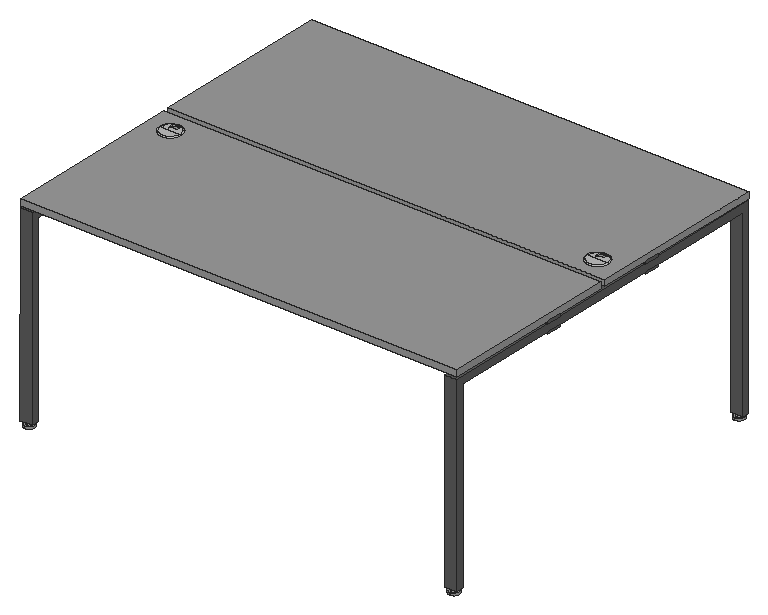
Revit family "Haworth_Tibas_Desk_DoubleWorkstations_AP_PRELIMINARY1", category Furniture, Revit 2019
Family settings
  OmniClass Number = 23.40.70.14.64.11
  OmniClass Title = Office Furniture
  Work Plane-Based = No
  Always vertical = Yes
  Cut with Voids When Loaded = No
  Shared = No
  Room Calculation Point = No
Parameters (values of type "1800w")
  Worksurface Width = "1200, 1400, 1500, 1600, 1800"  # constant formula
  Worksurface Depth = "1400, 1500, 1600mm"  # constant formula
  With Top = yes
  With Screen = not(No Screen)  # yes
  Warranty = "http://www.haworth.com/resources/product-info/warranties"
  U-Leg Frame R [instance] = yes
  U-Leg Frame [instance] = yes
  Type Comments = ""
  URL = "https://www.haworth.com/ap/en.html"
  Trim Finish = Haworth _ Polymer _ Undecided
  Top Finish [instance] = Haworth _ Laminate _ Undecided _ Tables
  Top Depth = if(With Screen, Actual Depth / 2 - 11 mm, Actual Depth)  # 739 mm
  Size = "Verify Final Dim.w/ Haworth"  # constant formula
  Round Cable Outlet = yes
  Revision Number = "1"  # constant formula
  Product URL = "https://www.haworth.com/ap/en/products/office-desks/tibas.html"
  No Screen = no
  No Accessory Kit = not(or(Accessory Kit, Flip Top Cable Outlet, Round Cable Outlet))  # no
  Model = "SYTBDWXXXX"  # constant formula
  Manufacturer = "Haworth"  # constant formula
  Leg Height = Actual Height - 35 mm  # 800.025 mm
  Flip Top Width = 400 mm
  Flip Top Cable Outlet = no
  Description = "Haworth - Tibas - Desk - Double Workstations"  # constant formula
  Cable Tray Width = Actual Width - 300 mm  # 1500 mm
  Cable Tray Single = yes
  Cable Tray Finish = Haworth _ Paint _ Metallic Silver
  Cable Tray Double = no
  Base Finish [instance] = Haworth _ Paint _ Black
  Author = "Haworth (Abd Rahman)"  # constant formula
  Assembly Code = "E2020200"
  Actual Width = 1800 mm
  Actual Height = 835.025 mm
  Actual Depth = 1500 mm
  Accessory Kit = and(or(Cable Tray Double, Cable Tray Single, Flip Top Cable Outlet, Round Cable Outlet))  # yes
Reference planes
  plane 1 "Center F/B": y = 174.526
  plane 2: z = 0
  plane 3 "Center L/R": x = 114.3
  plane 4 "Top": z = 835.025
  plane 5 "Left": x = -785.7
  plane 6 "Right": x = 1014.3
  plane 7 "Back": y = 924.526
  plane 8 "Front": y = -575.474
  plane 9: y = 424.526
  plane 10: y = -75.474
  plane 11: z = 810.025
  plane 12: z = 800.025
  plane 13: x = -685.7
  plane 14: x = 914.3
  plane 15: y = 74.526
  plane 16: y = 274.526
Dimensions and locks
  "Actual Height": plane 4 "Top" to level
  equal spacing: plane 7 "Back", plane 1 "Center F/B", plane 8 "Front"
  "Actual Depth": plane 7 "Back" to plane 8 "Front"
  equal spacing: plane 5 "Left", plane 3 "Center L/R", plane 6 "Right"
  "Actual Width": plane 5 "Left" to plane 6 "Right"
  plane 4 "Top" to plane 11 to plane 12 = 25 mm locked, 10 mm locked
  plane 8 "Front" to plane 10 to plane 1 "Center F/B" = 500 mm, 250 mm
  plane 7 "Back" to plane 9 to plane 1 "Center F/B" = 500 mm, 250 mm
  locked: plane 5 "Left" to plane 13 at 100
  locked: plane 14 to plane 6 "Right" at 100
  locked: plane 16 to plane 1 "Center F/B" at 100
  locked: plane 15 to plane 1 "Center F/B" at 100
  aligned and locked: plane 3 "Center L/R" to nested 1
  aligned and locked: nested 1 to plane 4 "Top"
  aligned and locked: plane 1 "Center F/B" to nested 3
  aligned and locked: plane 1 "Center F/B" to nested 4
  aligned and locked: nested 2 to plane 3 "Center L/R"
  aligned and locked: nested 2 to plane 11
  aligned and locked: plane 3 "Center L/R" to nested 5
  aligned and locked: nested 5 to plane 4 "Top"
  aligned and locked: plane 1 "Center F/B" to nested 5
  aligned and locked: plane 10 to nested 2
  aligned and locked: plane 3 "Center L/R" to nested 6
  aligned and locked: nested 6 to plane 9
  aligned and locked: plane 11 to nested 6
  aligned and locked: plane 3 "Center L/R" to nested 7
  aligned and locked: plane 8 "Front" to nested 7
  aligned and locked: nested 7 to plane 4 "Top"
  aligned and locked: nested 3 to plane 5 "Left"
  aligned and locked: nested 4 to plane 6 "Right"
  aligned and locked: plane 3 "Center L/R" to nested 10
  aligned and locked: plane 3 "Center L/R" to nested 9
  aligned and locked: plane 3 "Center L/R" to nested 8
  aligned and locked: plane 1 "Center F/B" to nested 10
  aligned and locked: nested 8 to plane 11
  aligned and locked: nested 9 to plane 11
  aligned and locked: nested 10 to plane 11
  aligned and locked: plane 1 "Center F/B" to nested 9
  aligned and locked: nested 8 to plane 1 "Center F/B"
  aligned and locked: plane 7 "Back" to nested 1
  aligned and locked: nested 12 to plane 14
  aligned and locked: nested 12 to plane 16
  aligned and locked: plane 13 to nested 11
  aligned and locked: plane 15 to nested 11
  aligned and locked: plane 4 "Top" to nested 11
  aligned and locked: nested 12 to plane 4 "Top"
Nested families
  nested 1: "Haworth_Tibas_Top_Rectangular-PART" at (271.159, 847.126, -20), Top Finish <- "Top Finish", visible <- "With Top", type "Rectangular Top"
    with Top Finish Haworth _ Laminate _ Undecided _ Tables, Void Depth 889 mm, U-Shape Cable Outlet no, Round Cable Outlet no, Flip Top Cable Outlet no, Epure Cable Outlet no, Actual Width 1800 mm, Actual Depth 739 mm
  nested 2: "Haworth_Tibas_Understructure_DeskBeamAP-Leg_PART" at (1146.159, 216.626, 113.025), Leg Finish <- "Base Finish", type "Beam - Understructure - PART"
    with Leg Finish Haworth _ Paint _ Black, Actual Width 1800 mm
  nested 3: "Haworth_Tibas_Base_U-Leg_PART" at (-603.841, 466.626, 0), Leg Finish <- "Base Finish", visible <- "U-Leg Frame", type "U-Leg Frame - PART L"
    with Leg Finish Haworth _ Paint _ Black, Actual Height 800.025 mm, Actual Depth 1500 mm
  nested 4: "Haworth_Tibas_Base_U-Leg_PART" at (1146.159, 466.626, 0), Leg Finish <- "Base Finish", visible <- "U-Leg Frame R", type "U-Leg Frame - PART R"
    with Leg Finish Haworth _ Paint _ Black, Actual Height 800.025 mm, Actual Depth 1500 mm
  nested 5: "Haworth-Flip Top" at (99.813, 173.193, 35.025), visible <- "Flip Top Cable Outlet", type "Flip Top - Visio"
    with Actual Width 400 mm, Actual Depth 200 mm
  nested 6: "Haworth_Tibas_Understructure_DeskBeamAP-Leg_PART" at (1146.159, 132.426, 113.025), Leg Finish <- "Base Finish", type "Beam - Understructure - PART"
    with Leg Finish Haworth _ Paint _ Black, Actual Width 1800 mm
  nested 7: "Haworth_Tibas_Top_Rectangular-PART" at (271.159, 86.126, -20), visible <- "With Screen", Top Finish <- "Top Finish", type "Rectangular Top"
    with Top Finish Haworth _ Laminate _ Undecided _ Tables, Void Depth 889 mm, U-Shape Cable Outlet no, Round Cable Outlet no, Flip Top Cable Outlet no, Epure Cable Outlet no, Actual Width 1800 mm, Actual Depth 739 mm
  nested 8: "Haworth_Tibas_CableManagement_CableTraySingle-PART" at (271.159, 376.626, 326.425), visible <- "Cable Tray Single", Cable Tray Finish <- "Cable Tray Finish", type "Cable Tray Single"
    with Cable Tray Finish Haworth _ Paint _ Metallic Silver
  nested 9: "Haworth_Tibas_CableManagement_CableTraySingle-PART" at (271.159, 556.626, 326.425), visible <- "Cable Tray Single", Cable Tray Finish <- "Cable Tray Finish", type "Cable Tray Single"
    with Cable Tray Finish Haworth _ Paint _ Metallic Silver
  nested 10: "Haworth_Tibas_CableManagement_CableTrayDouble-PART" at (271.159, 466.626, 363.025), visible <- "Cable Tray Double", Cable Tray Finish <- "Cable Tray Finish", type "Cable Tray Double"
    with Cable Tray Finish Haworth _ Paint _ Metallic Silver
  nested 11: "Haworth_Grommet-PART" at (-528.841, 366.626, 312.793), visible <- "Round Cable Outlet", type "Cable Outlet"
  nested 12: "Haworth_Grommet-PART" at (1071.159, 566.626, 312.793), visible <- "Round Cable Outlet", type "Cable Outlet"
Definition of nested family "Haworth_Tibas_Top_Rectangular-PART"
  Parameters (values of type "Rectangular Top")
    Warranty = "http://www.haworth.com/resources/product-info/warranties"
    Void Depth = if(Epure Cable Outlet, 0 mm, Actual Depth + 150 mm)  # 0 mm
    URL - Product = ""
    URL = "https://www.haworth.com/eu/en.html"
    U-Shape Cable Outlet = yes
    Trim Finish = none
    Top Finish [instance] = none
    Thickness = 25 mm  # constant formula
    Size = "Verify Final Dim. w/ Haworth"  # constant formula
    Round Cable Outlet = yes
    Revision Number = "1"  # constant formula
    Model = "Haworth - Tibas"  # constant formula
    Manufacturer = "Haworth"  # constant formula
    Flip Top Cable Outlet = yes
    Epure Cable Outlet = yes
    Description = "Haworth - Tibas"  # constant formula
    Author = "Haworth (Abd Rahman)"  # constant formula
    Assembly Code = "E2020200"
    Actual Width = 2000 mm
    Actual Mounting Height = 835.025 mm
    Actual Depth = 800 mm
  Reference planes
    plane 1: z = -5
    plane 2 "Center L/R": x = -156.859
    plane 3 "Center F/B": y = -292.1
    plane 4 "Top of top": z = 855.025
    plane 5 "Back": y = 107.9
    plane 6 "Front": y = -692.1
    plane 7 "Left": x = -1156.859
    plane 8 "Right": x = 843.141
    plane 9 "Bottom of top": z = 830.025
    plane 10: y = 27.9
    plane 11: x = -1006.859
    plane 12: x = 693.141
    plane 13: y = 107.9
    plane 14: y = 107.9
    plane 15: y = 107.9
    plane 16: y = 107.9
  Forms (mm)
    Extrusion 1, solid, material <- "Top Finish"
      sketch origin (0, 0, 0) x (1, 0, 0) y (0, 1, 0)
        loop
          line (-1156.859, 107.9) -> (-1156.859, -692.1) -> (843.141, -692.1) -> (843.141, 107.9) -> (-1156.859, 107.9)
      from 830.025 to 855.025
    Extrusion 2, void
      sketch origin (0, 0, 0) x (1, 0, 0) y (0, 1, 0)
        loop
          circle (-1006.859, 107.9) r 40
        loop
          circle (693.141, 107.9) r 40
      from -479.092 to 1358.317
  Cuts and joins
    Extrusion 2 cuts Extrusion 1
  Lines and regions (mm)
    Masking region 1
      outline origin (0, 0, 0) x (1, 0, 0) y (0, 1, 0)
        loop
          line (-1156.859, 107.9) -> (-1156.859, -692.1) -> (843.141, -692.1) -> (843.141, 107.9) -> (-1156.859, 107.9)
  Dimensions and locks
    equal spacing: plane 5 "Back", plane 3 "Center F/B", plane 6 "Front"
    "Actual Depth": plane 5 "Back" to plane 6 "Front"
    equal spacing: plane 7 "Left", plane 2 "Center L/R", plane 8 "Right"
    "Actual Width": plane 7 "Left" to plane 8 "Right"
    "Thickness": plane 4 "Top of top" to plane 9 "Bottom of top"
    "Actual Mounting Height": plane 9 "Bottom of top" to plane 1
    locked: plane 5 "Back" to plane 10 at 80
    plane 7 "Left" to plane 11 = 150 mm
    locked: plane 8 "Right" to plane 12 at 150
    "Void Depth": plane 13 to plane 14
    "Void Depth": plane 15 to plane 16
    aligned and locked: plane 8 "Right" to Extrusion 1 sketch curve
    aligned and locked: plane 7 "Left" to Extrusion 1 sketch curve
    aligned and locked: plane 6 "Front" to Extrusion 1 sketch curve
    aligned and locked: Extrusion 1 sketch curve to plane 5 "Back"
    aligned and locked: plane 4 "Top of top" to Extrusion 1
    aligned and locked: Extrusion 1 to plane 9 "Bottom of top"
    aligned and locked: plane 8 "Right" to Masking region 1 sketch curve
    aligned and locked: Masking region 1 sketch curve to plane 5 "Back"
    aligned and locked: plane 7 "Left" to Masking region 1 sketch curve
    aligned and locked: plane 6 "Front" to Masking region 1 sketch curve
    aligned and locked: nested 1 to plane 4 "Top of top"
    aligned and locked: plane 12 to nested 1
    aligned and locked: plane 10 to nested 1
    aligned and locked: nested 2 to plane 11
    aligned and locked: nested 2 to plane 10
    aligned and locked: nested 3 to plane 11
    aligned and locked: nested 3 to plane 5 "Back"
    aligned and locked: nested 3 to plane 4 "Top of top"
    aligned and locked: plane 12 to nested 4
    aligned and locked: plane 5 "Back" to nested 4
    aligned and locked: plane 4 "Top of top" to nested 4
    aligned and locked: plane 2 "Center L/R" to nested 5
    aligned and locked: plane 10 to nested 5
    aligned and locked: nested 5 to plane 4 "Top of top"
    aligned and locked: plane 11 to Extrusion 2 sketch curve
    aligned and locked: plane 4 "Top of top" to nested 2
    aligned and locked: plane 13 to plane 5 "Back"
    aligned and locked: plane 12 to Extrusion 2 sketch curve
    aligned and locked: plane 15 to plane 5 "Back"
    aligned and locked: plane 16 to Extrusion 2 sketch curve
    aligned and locked: plane 14 to Extrusion 2 sketch curve
  Automatic sketch dimensions
    radius of Extrusion 2 sketch curve = 40 mm  (x2)
  Nested families
    nested 1: "Haworth_Grommet-PART" at (536.282, 320, 332.793) x (-1, 0, 0) z (0, 0, 1), visible <- "Round Cable Outlet", type "Cable Outlet"
      with Vertical no, Horizontal yes
    nested 2: "Haworth_Grommet-PART" at (-850, 320, 332.793), visible <- "Round Cable Outlet", type "Cable Outlet"
      with Vertical no, Horizontal yes
    nested 3: "Haworth_CableOutlet_U-Shape_PART" at (-850, 372.731, 297.793), visible <- "U-Shape Cable Outlet", type "Cable Outlet"
    nested 4: "Haworth_CableOutlet_U-Shape_PART" at (536.282, 372.731, 297.793) x (-1, 0, 0) z (0, 0, 1), visible <- "U-Shape Cable Outlet", type "Cable Outlet"
    nested 5: "Haworth-Flip Top" at (-171.347, -28.433, 55.025), visible <- "Flip Top Cable Outlet", type "Flip Top - Visio"
      with Actual Width 200 mm, Actual Depth 110 mm
  Definition of nested family "Haworth_Grommet-PART"
    Parameters (values of type "Cable Outlet")
      Warranty = "http://www.haworth.com/resources/product-info/warranties"
      Vertical = yes
      URL = "www.haworth.com"
      Trim Finish = none
      Size = "Verify Final Dim. w/ Haworth"  # constant formula
      Revision Number = "1"  # constant formula
      Model = "X742"  # constant formula
      Manufacturer = "Haworth"  # constant formula
      Horizontal = no
      Description = "Haworth - Cable Outlet - 25mm"  # constant formula
      Author = "Haworth (Abd Rahman)"  # constant formula
      Assembly Code = "E2020200"
      Actual Width = 90 mm  # constant formula
      Actual Height = 2 mm  # constant formula
      Actual Depth = 90 mm  # constant formula
    Reference planes
      plane 1: z = 522.232
      plane 2 "Center L/R": x = -156.859
      plane 3 "Center F/B": y = -292.1
      plane 4 "Top": z = 524.232
      plane 5 "Back": y = -247.1
      plane 6 "Front": y = -337.1
      plane 7 "Right": x = -111.859
      plane 8 "Left": x = -201.859
      plane 9: x = -155.05
    Forms (mm)
      Revolve 1, solid, material <- "Trim Finish", visible <- "Vertical"
        sketch origin (-679.273, -292.1, 366.305) x (0, 0, 1) y (1, 0, 0)
          loop
            line (156.859, 524.223) -> (115.684, 524.223)
            arc (115.684, 524.223) -> (113.98, 523.576) -> (112.576, 522.414) r 5.57
            line (112.576, 522.414) -> (156.859, 522.414) -> (156.859, 524.223)
          axis (156.859, 524.223) -> (156.859, 522.414)
        angle from 0 to 360
      Extrusion 2, void
        sketch origin (-679.273, 0.749, 366.305) x (0, 0, -1) y (0, 1, 0)
          loop
            line (-175.569, -260.506) -> (-173.333, -281.782)
            arc (-173.333, -281.782) -> (-171.796, -283.23) -> (-169.822, -282.479) r 1.989
            arc (-169.822, -282.479) -> (-169.186, -281.652) -> (-168.471, -280.891) r 10.616
            arc (-168.471, -280.891) -> (-163.186, -277.135) -> (-156.859, -275.721) r 16.402
            arc (-156.859, -275.721) -> (-151.781, -276.415) -> (-147.164, -278.643) r 16.402
            arc (-147.164, -278.643) -> (-145.025, -278.909) -> (-143.853, -277.099) r 2.03
            line (-143.853, -277.099) -> (-141.679, -258.137)
            arc (-141.679, -258.137) -> (-158.906, -255.293) -> (-175.569, -260.506) r 37.744
        from 0 to 711.2
      Revolve 3, solid, material <- "Trim Finish", visible <- "Horizontal"
        sketch origin (-0.331, -293.081, 0.151) x (-1, 0, 0) y (0, 0, 1)
          loop
            line (156.859, 524.08) -> (115.287, 524.08)
            arc (115.287, 524.08) -> (113.569, 523.343) -> (112.19, 522.08) r 5.592
            line (112.19, 522.08) -> (156.859, 522.08) -> (156.859, 524.08)
          axis (156.859, 524.08) -> (156.859, 522.08)
        angle from 0 to 360
      Extrusion 4, void
        sketch origin (-0.331, -0.232, 0.151) x (1, 0, 0) y (0, 1, 0)
          loop
            line (-175.569, -260.506) -> (-173.333, -281.782)
            arc (-173.333, -281.782) -> (-171.796, -283.23) -> (-169.822, -282.479) r 1.989
            arc (-169.822, -282.479) -> (-169.186, -281.652) -> (-168.471, -280.891) r 10.616
            arc (-168.471, -280.891) -> (-163.186, -277.135) -> (-156.859, -275.721) r 16.402
            arc (-156.859, -275.721) -> (-151.781, -276.415) -> (-147.164, -278.643) r 16.402
            arc (-147.164, -278.643) -> (-145.025, -278.909) -> (-143.853, -277.099) r 2.03
            line (-143.853, -277.099) -> (-141.679, -258.137)
            arc (-141.679, -258.137) -> (-158.906, -255.293) -> (-175.569, -260.506) r 37.744
        from 0 to 711.2
    Cuts and joins
      Extrusion 2 cuts Revolve 1
      Extrusion 4 cuts Revolve 3
    Lines and regions (mm)
      Masking region 1
        outline origin (0, 0, 0) x (1, 0, 0) y (0, 1, 0)
          loop
            circle (-156.859, -292.849) r 44.363
          loop
            circle (-156.859, -292.849) r 40.899
          loop
            line (-143.853, -277.099) -> (-141.679, -258.137)
            arc (-141.679, -258.137) -> (-158.906, -255.293) -> (-175.569, -260.506) r 37.744
            line (-175.569, -260.506) -> (-173.333, -281.782)
            arc (-173.333, -281.782) -> (-171.796, -283.23) -> (-169.822, -282.479) r 1.989
            arc (-169.822, -282.479) -> (-169.186, -281.652) -> (-168.471, -280.891) r 10.616
            arc (-168.471, -280.891) -> (-163.186, -277.135) -> (-156.859, -275.721) r 16.402
            arc (-156.859, -275.721) -> (-151.781, -276.415) -> (-147.164, -278.643) r 16.402
            arc (-147.164, -278.643) -> (-145.025, -278.909) -> (-143.853, -277.099) r 2.03
    Dimensions and locks
      equal spacing: plane 8 "Left", plane 2 "Center L/R", plane 7 "Right"
      "Actual Width": plane 8 "Left" to plane 7 "Right"
      equal spacing: plane 5 "Back", plane 3 "Center F/B", plane 6 "Front"
      "Actual Depth": plane 5 "Back" to plane 6 "Front"
      "Actual Height": plane 4 "Top" to plane 1
      aligned and locked: plane 3 "Center F/B" to cut or joined group of Revolve 1, Extrusion 2  (x2)
      aligned and locked: cut or joined group of Revolve 3, Extrusion 4 to plane 4 "Top"
      aligned and locked: cut or joined group of Revolve 3, Extrusion 4 to plane 1
      aligned and locked: cut or joined group of Revolve 1, Extrusion 2 to plane 2 "Center L/R"
      aligned and locked: plane 9 to cut or joined group of Revolve 1, Extrusion 2
    Automatic sketch dimensions
      Revolve 1 sketch curve to plane 1 = 43.35 mm
      Revolve 1 sketch curve to Revolve 1 sketch curve = 3.107 mm
      Revolve 1 sketch curve to Revolve 1 sketch curve = 1.099 mm
      Revolve 1 sketch curve to Revolve 1 sketch curve = 40.077 mm
      Revolve 1 sketch curve to plane 7 "Right" = 48.651 mm
      Revolve 1 sketch curve to Revolve 1 sketch curve = 3.651 mm
      Revolve 1 sketch curve to Revolve 1 sketch curve = 0 mm  (x2)
      Revolve 1 sketch curve to Revolve 1 sketch curve = 0.195 mm
      Extrusion 2 sketch curve to Extrusion 2 sketch curve = 0 mm  (x2)
      plane 1 to Extrusion 2 sketch curve = 19.643 mm
      Extrusion 2 sketch curve to Extrusion 2 sketch curve = 4.161 mm
      Extrusion 2 sketch curve to Extrusion 2 sketch curve = 10.307 mm
      Extrusion 2 sketch curve to Extrusion 2 sketch curve = 4.587 mm
      Extrusion 2 sketch curve to Extrusion 2 sketch curve = 0.242 mm
      Extrusion 2 sketch curve to Extrusion 2 sketch curve = 10.632 mm
      Extrusion 2 sketch curve to Extrusion 2 sketch curve = 2.03 mm
      Extrusion 2 sketch curve to Extrusion 2 sketch curve = 2.174 mm
      Extrusion 2 sketch curve to plane 5 "Back" = 45.096 mm
      Extrusion 2 sketch curve to Extrusion 2 sketch curve = 0.825 mm
      Extrusion 2 sketch curve to Extrusion 2 sketch curve = 3.588 mm
      Extrusion 2 sketch curve to Extrusion 2 sketch curve = 7.253 mm
      Extrusion 2 sketch curve to Extrusion 2 sketch curve = 15.02 mm
      Extrusion 2 sketch curve to Extrusion 2 sketch curve = 0.031 mm
      Extrusion 2 sketch curve to Extrusion 2 sketch curve = 20.772 mm
      Extrusion 2 sketch curve to Extrusion 2 sketch curve = 1.925 mm
      Extrusion 2 sketch curve to Extrusion 2 sketch curve = 1.586 mm
      Extrusion 2 sketch curve to Extrusion 2 sketch curve = 1.352 mm
      Extrusion 2 sketch curve to Extrusion 2 sketch curve = 10.976 mm
      Extrusion 2 sketch curve to Extrusion 2 sketch curve = 1.281 mm
      Masking region 1 sketch curve to Masking region 1 sketch curve = 0 mm  (x4)
      Masking region 1 sketch curve to plane 2 "Center L/R" = 0 mm  (x2)
      Masking region 1 sketch curve to plane 2 "Center L/R" = 4.242 mm
      Masking region 1 sketch curve to Masking region 1 sketch curve = 10.307 mm
      Masking region 1 sketch curve to plane 3 "Center F/B" = 10.318 mm
      Masking region 1 sketch curve to Masking region 1 sketch curve = 1.925 mm
      Masking region 1 sketch curve to plane 2 "Center L/R" = 18.71 mm
      plane 3 "Center F/B" to Masking region 1 sketch curve = 0.02 mm
      plane 2 "Center L/R" to Masking region 1 sketch curve = 0.345 mm
      plane 2 "Center L/R" to Masking region 1 sketch curve = 0.586 mm
      plane 2 "Center L/R" to Masking region 1 sketch curve = 10.976 mm
      Masking region 1 sketch curve to Masking region 1 sketch curve = 2.03 mm
      plane 2 "Center L/R" to Masking region 1 sketch curve = 15.18 mm
      plane 3 "Center F/B" to Masking region 1 sketch curve = 0.749 mm
      Masking region 1 sketch curve to Masking region 1 sketch curve = 0.096 mm
      Masking region 1 sketch curve to plane 3 "Center F/B" = 3.569 mm
      Masking region 1 sketch curve to Masking region 1 sketch curve = 0.504 mm
      Masking region 1 sketch curve to plane 3 "Center F/B" = 15.001 mm
      Masking region 1 sketch curve to Masking region 1 sketch curve = 0.031 mm
      Masking region 1 sketch curve to plane 5 "Back" = 13.406 mm
      Masking region 1 sketch curve to Masking region 1 sketch curve = 2.938 mm
      Masking region 1 sketch curve to Masking region 1 sketch curve = 1.586 mm
      Revolve 3 sketch curve to plane 7 "Right" = 0.663 mm
      Revolve 3 sketch curve to Revolve 3 sketch curve = 3.096 mm
      Revolve 3 sketch curve to Revolve 3 sketch curve = 1.316 mm
      Revolve 3 sketch curve to Revolve 3 sketch curve = 40.256 mm
      Revolve 3 sketch curve to plane 4 "Top" = 5.434 mm
      Revolve 3 sketch curve to Revolve 3 sketch curve = 3.434 mm
      Revolve 3 sketch curve to Revolve 3 sketch curve = 0 mm
      Revolve 3 sketch curve to Revolve 3 sketch curve = 0.151 mm  (x2)
      Extrusion 4 sketch curve to Extrusion 4 sketch curve = 0 mm  (x2)
      Extrusion 4 sketch curve to plane 7 "Right" = 64.042 mm
      Extrusion 4 sketch curve to Extrusion 4 sketch curve = 4.161 mm
      Extrusion 4 sketch curve to Extrusion 4 sketch curve = 10.307 mm
      Extrusion 4 sketch curve to Extrusion 4 sketch curve = 4.587 mm
      Extrusion 4 sketch curve to Extrusion 4 sketch curve = 0.242 mm
      Extrusion 4 sketch curve to Extrusion 4 sketch curve = 10.632 mm
      Extrusion 4 sketch curve to Extrusion 4 sketch curve = 2.03 mm
      Extrusion 4 sketch curve to Extrusion 4 sketch curve = 2.174 mm
      Extrusion 4 sketch curve to plane 5 "Back" = 46.077 mm
      Extrusion 4 sketch curve to Extrusion 4 sketch curve = 0.825 mm
      Extrusion 4 sketch curve to Extrusion 4 sketch curve = 3.588 mm
      Extrusion 4 sketch curve to Extrusion 4 sketch curve = 7.253 mm
      Extrusion 4 sketch curve to Extrusion 4 sketch curve = 15.02 mm
      Extrusion 4 sketch curve to Extrusion 4 sketch curve = 0.031 mm
      Extrusion 4 sketch curve to Extrusion 4 sketch curve = 20.772 mm
      Extrusion 4 sketch curve to Extrusion 4 sketch curve = 1.925 mm
      Extrusion 4 sketch curve to Extrusion 4 sketch curve = 1.586 mm
      Extrusion 4 sketch curve to Extrusion 4 sketch curve = 1.352 mm
      Extrusion 4 sketch curve to Extrusion 4 sketch curve = 10.976 mm
      Extrusion 4 sketch curve to Extrusion 4 sketch curve = 1.281 mm
      radius of Masking region 1 sketch curve = 44.363 mm
      radius of Masking region 1 sketch curve = 40.899 mm
  Definition of nested family "Haworth_CableOutlet_U-Shape_PART"
    Parameters (values of type "Cable Outlet")
      Warranty = "http://www.haworth.com/resources/product-info/warranties"
      URL = "www.haworth.com"
      Trim Finish = none
      Sustainability Info = "https://www.haworth.com/company-info/sustainability"
      Size = "Verify Final Dim. w/ Haworth"  # constant formula
      Revision Number = "1"  # constant formula
      Model = "X742"  # constant formula
      Manufacturer = "Haworth"  # constant formula
      Description = "Haworth - Cable Outlet - U - Shape"  # constant formula
      Author = "Haworth (Abd Rahman)"  # constant formula
      Assembly Code = "E2020200"
      Actual Width = 70 mm  # constant formula
      Actual Height = 40 mm  # constant formula
      Actual Depth = 70 mm  # constant formula
    Reference planes
      plane 1: z = 522.232
      plane 2 "Center L/R": x = -156.859
      plane 3 "Center F/B": y = -292.1
      plane 4 "Top": z = 562.232
      plane 5 "Back": y = -257.1
      plane 6 "Front": y = -327.1
      plane 7 "Right": x = -121.859
      plane 8 "Left": x = -191.859
    Forms (mm)
      Extrusion 1, solid, material <- "Trim Finish"
        sketch origin (-121.859, 0, 0) x (0, 1, 0) y (0, 0, 1)
          loop
            line (-327.1, 562.232) -> (-327.1, 557.232) -> (-264.831, 557.232) -> (-264.831, 527.232) -> (-327.1, 527.232) -> (-327.1, 522.232) -> (-257.1, 522.232) -> (-257.1, 530.231) -> (-257.1, 555.734) -> (-257.1, 562.232) -> (-327.1, 562.232)
        from -70 to 0
    Lines and regions (mm)
      Masking region 1
        outline origin (0, 0, 0) x (1, 0, 0) y (0, 1, 0)
          loop
            line (-191.859, -257.1) -> (-191.859, -327.1) -> (-121.859, -327.1) -> (-121.859, -257.1) -> (-191.859, -257.1)
    Dimensions and locks
      equal spacing: plane 8 "Left", plane 2 "Center L/R", plane 7 "Right"
      "Actual Width": plane 8 "Left" to plane 7 "Right"
      equal spacing: plane 5 "Back", plane 3 "Center F/B", plane 6 "Front"
      "Actual Depth": plane 5 "Back" to plane 6 "Front"
      "Actual Height": plane 4 "Top" to plane 1
      aligned and locked: Extrusion 1 to plane 8 "Left"
      aligned and locked: plane 7 "Right" to Extrusion 1
      aligned and locked: Masking region 1 sketch curve to plane 7 "Right"
      aligned and locked: Masking region 1 sketch curve to plane 5 "Back"
      aligned and locked: plane 8 "Left" to Masking region 1 sketch curve
      aligned and locked: plane 6 "Front" to Masking region 1 sketch curve
    Automatic sketch dimensions
      Extrusion 1 sketch curve to plane 4 "Top" = 0 mm
      Extrusion 1 sketch curve to plane 6 "Front" = 0 mm  (x2)
      Extrusion 1 sketch curve to plane 5 "Back" = 0 mm
      Extrusion 1 sketch curve to plane 1 = 0 mm
      Extrusion 1 sketch curve to Extrusion 1 sketch curve = 2.999 mm
      Extrusion 1 sketch curve to Extrusion 1 sketch curve = 7.731 mm
      Extrusion 1 sketch curve to plane 4 "Top" = 6.498 mm
      Extrusion 1 sketch curve to plane 4 "Top" = 5 mm
      plane 1 to Extrusion 1 sketch curve = 7.999 mm
  Definition of nested family "Haworth-Flip Top"
    Parameters (values of type "Flip Top - Visio")
      Warranty = ""
      URL - Product = ""
      URL = ""
      Sustainability Info = ""
      Size = "Verify Final Dim. w/ Haworth"  # constant formula
      Single Sided = no
      Single Sided Wide = yes
      Revision Number = ""
      OmniClass Number = ""
      Material Options = ""
      Manufacturer = "Haworth"  # constant formula
      LEED Data = ""
      Flip Top Height = 25 mm
      Flip Top Finish = none
      Double Sided = no
      Double Sided Wide = no
      Author = "SHAPE Environments, LLC"  # constant formula
      Assembly Code = ""
      Actual Width = 120 mm
      Actual Height = 800 mm
      Actual Depth = 80 mm
    Types (2, lengths in mm): name | Flip Top Height | Actual Width | Actual Height | Actual Depth
      Flip Top - Visio | 25 | 120 | 800 | 80
      Flip Top Cable Tray | 69.85 | 285.75 | 736.6 | 111.125
    Reference planes
      plane 1 "Center F/B": y = 1.333
      plane 2: z = 0
      plane 3 "Center L/R": x = 14.487
      plane 4 "Back": y = 41.333
      plane 5 "Right": x = 74.487
      plane 6 "Front": y = -38.667
      plane 7 "Left": x = -45.513
      plane 8 "Table Height": z = 800
      plane 9: z = 775
    Forms (mm)
      Extrusion 1, solid, material <- "Flip Top Finish"
        sketch origin (0, 0, 800) x (-1, 0, 0) y (0, -1, 0)
          loop
            line (45.513, -41.333) -> (45.513, 38.667) -> (-74.487, 38.667) -> (-74.487, -41.333) -> (45.513, -41.333)
        from 0 to 3.175
      Extrusion 2, solid, material <- "Flip Top Finish"
        sketch origin (0, 0, 800) x (-1, 0, 0) y (0, -1, 0)
          loop
            line (42.338, -36.571) -> (42.338, 33.904) -> (-71.312, 33.904) -> (-71.312, -36.571) -> (42.338, -36.571)
        from 0 to -25
    Cuts and joins
      joined: Extrusion 1, Extrusion 2
    Lines and regions (mm)
      symbolic lines
        curve 1: line (-45.513, 41.333, 800) -> (74.487, 41.333, 800)
        curve 2: line (-45.513, -38.667, 800) -> (-45.513, 41.333, 800)
        curve 3: line (74.487, -38.667, 800) -> (-45.513, -38.667, 800)
        curve 4: line (74.487, 41.333, 800) -> (74.487, -38.667, 800)
    Dimensions and locks
      equal spacing: plane 7 "Left", plane 3 "Center L/R", plane 5 "Right"
      "Actual Width": plane 7 "Left" to plane 5 "Right"
      equal spacing: plane 6 "Front", plane 1 "Center F/B", plane 4 "Back"
      "Actual Depth": plane 4 "Back" to plane 6 "Front"
      plane 7 "Left" to Extrusion 2 sketch curve = 3.175 mm
      plane 4 "Back" to Extrusion 2 sketch curve = 4.762 mm
      Extrusion 2 sketch curve to plane 5 "Right" = 3.175 mm
      Extrusion 2 sketch curve to plane 6 "Front" = 4.763 mm
      "Actual Height": plane 8 "Table Height" to level
      "Flip Top Height": plane 8 "Table Height" to plane 9
      aligned and locked: plane 7 "Left" to Extrusion 1 sketch curve
      aligned and locked: Extrusion 1 sketch curve to plane 4 "Back"
      aligned and locked: plane 6 "Front" to Extrusion 1 sketch curve
      aligned and locked: Extrusion 1 sketch curve to plane 5 "Right"
      aligned and locked: plane 9 to cut or joined group of Extrusion 1, Extrusion 2
    Automatic sketch dimensions
      curve 4 to plane 5 "Right" = 0 mm
      curve 2 to plane 4 "Back" = 0 mm
      curve 2 to plane 7 "Left" = 0 mm
      curve 4 to plane 6 "Front" = 0 mm
Definition of nested family "Haworth_Tibas_Understructure_DeskBeamAP-Leg_PART"
  Parameters (values of type "Beam - Understructure - PART")
    Warranty = "http://www.haworth.com/resources/product-info/warranties"
    URL - Product = "https://www.haworth.com/eu/products/tables/desks/tibas"
    URL = "https://www.haworth.com/ap/en.html"
    Size = "Verify Final Dim. w/ Haworth"  # constant formula
    Revision Number = "1"  # constant formula
    Model = "Haworth - Tibas"  # constant formula
    Manufacturer = "Haworth"  # constant formula
    Leg Finish [instance] = none
    Description = "Haworth - Tibas - PART"  # constant formula
    Connector Width [instance] = 54.9 mm
    Author = "Haworth (Abd Rahman)"  # constant formula
    Assembly Code = "E2020200"
    Actual Width = 850 mm
    Actual Height = 680 mm
    Actual Depth = 70 mm  # constant formula
  Reference planes
    plane 1: z = 0
    plane 2 "Center L/R": x = -156.859
    plane 3 "Center F/B": y = -292.1
    plane 4 "Top": z = 680
    plane 5: z = 650
    plane 6: x = -181.859
    plane 7: x = -131.859
    plane 8: y = -257.1
    plane 9: y = -327.1
    plane 10: z = 697
    plane 11: z = 687
    plane 12: z = 658.979
    plane 13: x = -177.854
    plane 14: x = -186.759
    plane 15: x = -981.859
    plane 16: x = -556.859
    plane 17 "Center F/E": x = -956.859
    plane 18: x = -931.859
    plane 19: x = -935.864
    plane 20: x = -926.959
    plane 21: y = -277.1
    plane 22: y = -317.1
    plane 23: x = -531.859
    plane 24: x = -581.859
    plane 25: y = -239.062
    plane 26: y = -626.062
  Forms (mm)
    Extrusion 1, solid, material <- "Leg Finish"
      sketch origin (0, -292.1, 0) x (1, 0, 0) y (0, 0, 1)
        loop
          line (-186.759, 650) -> (-131.859, 650) -> (-131.859, 656.842) -> (-177.854, 656.842) -> (-177.854, 687) -> (-131.859, 687) -> (-131.859, 697) -> (-186.759, 697) -> (-186.759, 650)
      from -27.1 to 32.9
    Extrusion 2, solid, material <- "Leg Finish"
      sketch origin (0, 0, 0) x (1, 0, 0) y (0, 1, 0)
        loop
          line (-177.854, -317.1) -> (-177.854, -277.1) -> (-935.864, -277.1) -> (-935.864, -317.1) -> (-177.854, -317.1)
      from 658.979 to 687
    Extrusion 3, solid, material <- "Leg Finish"
      sketch origin (-863.718, -292.1, 0) x (-1, 0, 0) y (0, 0, -1)
        loop
          line (63.241, -650) -> (63.241, -697) -> (118.141, -697) -> (118.141, -687) -> (72.146, -687) -> (72.146, -656.842) -> (118.141, -656.842) -> (118.141, -650) -> (63.241, -650)
      from -27.1 to 32.9
    Extrusion 4, solid, material <- "Leg Finish"
      sketch origin (687.577, 3018.624, -10.35) x (0, 1, 0) y (0, 0, 1)
        loop
          line (-3636.674, 692.589) -> (-3380.675, 678.993) -> (-3333.224, 663.6) -> (-3265.746, 663.6)
          arc (-3265.746, 663.6) -> (-3260.046, 665.961) -> (-3257.685, 671.66) r 8.06
          line (-3257.685, 671.66) -> (-3257.685, 703.6) -> (-3644.685, 703.6) -> (-3644.685, 700.6)
          arc (-3644.685, 700.6) -> (-3642.339, 694.935) -> (-3636.674, 692.589) r 8.011
      from -1269.436 to -1219.436
  Lines and regions (mm)
    Masking region 1
      outline origin (0, 0, 0) x (1, 0, 0) y (0, 1, 0)
        loop
          line (-926.959, -277.1) -> (-926.959, -262.5) -> (-981.859, -262.5) -> (-981.859, -325) -> (-926.959, -325) -> (-926.959, -317.1) -> (-186.759, -317.1) -> (-186.759, -325) -> (-131.859, -325) -> (-131.859, -265) -> (-186.759, -265) -> (-186.759, -277.1) -> (-926.959, -277.1)
  Dimensions and locks
    "Actual Height": plane 4 "Top" to plane 1
    equal spacing: plane 8, plane 3 "Center F/B", plane 9
    "Actual Depth": plane 8 to plane 9
    equal spacing: plane 6, plane 2 "Center L/R", plane 7
    "Actual Height": plane 4 "Top" to level
    locked: plane 5 to plane 4 "Top" at 30
    Extrusion 1 sketch curve to Extrusion 2 = 10 mm
    equal spacing: plane 15, plane 16, plane 7
    plane 15 to plane 7 = 850 mm
    plane 14 to plane 6 to plane 13 to plane 2 "Center L/R" to plane 7 = 4.9 mm locked, 4.005 mm locked, 20.995 mm locked, 25 mm locked
    plane 15 to plane 16 to plane 7 = 425 mm, 425 mm
    "Connector Width": plane 14 to plane 7
    "Actual Width": plane 15 to plane 7
    plane 18 to plane 17 "Center F/E" = 25 mm
    plane 20 to plane 18 to plane 19 to plane 17 "Center F/E" to plane 15 = 4.9 mm locked, 4.005 mm locked, 20.995 mm locked, 25 mm locked
    locked: plane 8 to plane 21 at 20
    locked: plane 22 to plane 9 at 10
    plane 24 to plane 16 to plane 23 = 25 mm locked, 25 mm locked
    plane 25 to plane 8 to plane 3 "Center F/B" to plane 9 to plane 26 = 18.038 mm locked, 35 mm locked, 35 mm locked, 298.962 mm locked
    aligned and locked: Extrusion 2 to plane 11
    aligned and locked: Extrusion 2 to plane 12
    aligned and locked: Extrusion 2 to plane 13
    aligned and locked: plane 11 to Extrusion 1
    aligned and locked: Extrusion 1 to plane 13
    aligned and locked: Extrusion 1 to plane 7  (x2)
    aligned and locked: plane 5 to Extrusion 1
    aligned and locked: Extrusion 1 to plane 10
    aligned and locked: plane 14 to Extrusion 1
    aligned and locked: plane 10 to Extrusion 3
    aligned and locked: plane 15 to Extrusion 3  (x2)
    aligned and locked: Extrusion 3 to plane 20
    aligned and locked: plane 5 to Extrusion 3
    aligned and locked: Extrusion 3 to plane 11
    aligned and locked: Extrusion 3 to plane 19
    aligned and locked: Extrusion 2 sketch curve to plane 21
    aligned and locked: plane 22 to Extrusion 2 sketch curve
    aligned and locked: plane 13 to Extrusion 2 sketch curve
    aligned and locked: plane 19 to Extrusion 2 sketch curve
    aligned and locked: plane 7 to Masking region 1 sketch curve
    aligned and locked: Masking region 1 sketch curve to plane 14
    aligned and locked: plane 25 to Extrusion 4
    aligned and locked: Extrusion 4 to plane 23
    aligned and locked: plane 24 to Extrusion 4
    aligned and locked: Extrusion 4 to plane 26
  Automatic sketch dimensions
    plane 14 to Extrusion 1 sketch curve = 0 mm
    plane 13 to Extrusion 1 sketch curve = 0 mm
    plane 7 to Extrusion 1 sketch curve = 0 mm  (x2)
    Extrusion 1 sketch curve to plane 5 = 0 mm
    Extrusion 1 sketch curve to plane 11 = 0 mm
    plane 12 to Extrusion 1 sketch curve = 2.138 mm
    Extrusion 3 sketch curve to plane 10 = 0 mm
    Extrusion 3 sketch curve to plane 20 = 0 mm
    plane 19 to Extrusion 3 sketch curve = 0 mm
    plane 15 to Extrusion 3 sketch curve = 0 mm  (x2)
    Extrusion 3 sketch curve to plane 5 = 0 mm
    Extrusion 3 sketch curve to plane 11 = 0 mm
    Extrusion 3 sketch curve to plane 12 = 2.138 mm
    Masking region 1 sketch curve to plane 15 = 0 mm
    Masking region 1 sketch curve to plane 20 = 0 mm  (x2)
    Masking region 1 sketch curve to plane 14 = 0 mm
    Masking region 1 sketch curve to plane 9 = 2.1 mm  (x2)
    Masking region 1 sketch curve to Masking region 1 sketch curve = 7.9 mm
    Masking region 1 sketch curve to plane 3 "Center F/B" = 15 mm
    Masking region 1 sketch curve to plane 8 = 7.9 mm
    Masking region 1 sketch curve to plane 8 = 5.4 mm
    Extrusion 4 sketch curve to plane 26 = 0 mm
    plane 10 to Extrusion 4 sketch curve = 3.75 mm
    Extrusion 4 sketch curve to plane 25 = 0 mm
    plane 10 to Extrusion 4 sketch curve = 6.75 mm
    Extrusion 4 sketch curve to Extrusion 4 sketch curve = 8.011 mm
    Extrusion 4 sketch curve to plane 4 "Top" = 11.357 mm
    plane 9 to Extrusion 4 sketch curve = 34.951 mm
    plane 12 to Extrusion 4 sketch curve = 5.729 mm
    Extrusion 4 sketch curve to plane 9 = 12.5 mm
    Extrusion 4 sketch curve to plane 25 = 8.06 mm
Definition of nested family "Haworth_Tibas_Base_U-Leg_PART"
  Parameters (values of type "U-Leg Frame - PART")
    Warranty = "http://www.haworth.com/resources/product-info/warranties"
    URL - Product = "https://www.haworth.com/eu/products/tables/desks/tibas"
    URL = "https://www.haworth.com/ap/en.html"
    Size = "Verify Final Dim. w/ Haworth"  # constant formula
    Revision Number = "1"  # constant formula
    Model = "Haworth - Tibas"  # constant formula
    Manufacturer = "Haworth"  # constant formula
    Leg Finish [instance] = none
    Glide Finish = none
    Description = "Haworth - Tibas - Complete Frame - PART"  # constant formula
    Author = "Haworth (Abd Rahman)"  # constant formula
    Assembly Code = "E2020200"
    Actual Width = 50 mm  # constant formula
    Actual Height = 450 mm
    Actual Depth = 400 mm
  Reference planes
    plane 1: z = 0
    plane 2 "Center L/R": x = -156.859
    plane 3 "Center F/B": y = -292.1
    plane 4 "Top": z = 450
    plane 5: z = 15.979
    plane 6: z = 420
    plane 7: x = -181.859
    plane 8: x = -131.859
    plane 9: y = -92.1
    plane 10: y = -492.1
    plane 11: y = -122.1
    plane 12: y = -462.1
    plane 13: y = -107.1
    plane 14: y = -84.939
    plane 15: y = -477.1
    plane 16: y = -499.261
  Forms (mm)
    Extrusion 1, solid, material <- "Leg Finish"
      sketch origin (0, -292.1, 0) x (1, 0, 0) y (0, 0, 1)
        loop
          line (-181.859, 450) -> (-181.859, 15.979) -> (-131.859, 15.979) -> (-131.859, 450) -> (-181.859, 450)
      from -200 to -170
    Extrusion 2, solid, material <- "Leg Finish"
      sketch origin (0, -292.1, 0) x (1, 0, 0) y (0, 0, -1)
        loop
          line (-181.859, -450) -> (-131.859, -450) -> (-131.859, -15.979) -> (-181.859, -15.979) -> (-181.859, -450)
      from -200 to -170
    Extrusion 3, solid, material <- "Leg Finish"
      sketch origin (-156.859, 0, 0) x (0, 1, 0) y (0, 0, 1)
        loop
          line (-462.1, 450) -> (-462.1, 420) -> (-122.1, 420) -> (-122.1, 450) -> (-462.1, 450)
      from -25 to 25
    Revolve 4, solid, material <- "Glide Finish"
      sketch origin (-156.859, 17.9, 0) x (0, 1, 0) y (0, 0, 1)
        loop
          line (-125, 15.979) -> (-125, 0) -> (-102.839, 0) -> (-102.839, 6) -> (-115.146, 6) -> (-120, 10.854) -> (-120, 15.979) -> (-125, 15.979)
        axis (-125, 15.979) -> (-125, 0)
      angle from 0 to 360
    Revolve 5, solid, material <- "Glide Finish"
      sketch origin (-156.859, -602.1, 0) x (0, -1, 0) y (0, 0, 1)
        loop
          line (-125, 15.979) -> (-125, 0) -> (-102.839, 0) -> (-102.839, 6) -> (-115.146, 6) -> (-120, 10.854) -> (-120, 15.979) -> (-125, 15.979)
        axis (-125, 15.979) -> (-125, 0)
      angle from 0 to 360
  Cuts and joins
    joined: Extrusion 1, Extrusion 2, Extrusion 3
  Lines and regions (mm)
    Masking region 1
      outline origin (0, 0, 0) x (1, 0, 0) y (0, 1, 0)
        loop
          line (-181.859, -92.1) -> (-181.859, -492.1) -> (-131.859, -492.1) -> (-131.859, -92.1) -> (-181.859, -92.1)
  Dimensions and locks
    "Actual Height": plane 4 "Top" to plane 1
    equal spacing: plane 9, plane 3 "Center F/B", plane 10
    "Actual Depth": plane 9 to plane 10
    equal spacing: plane 7, plane 2 "Center L/R", plane 8
    "Actual Width": plane 7 to plane 8
    locked: plane 9 to plane 11 at 30
    locked: plane 10 to plane 12 at 30
    "Actual Height": plane 4 "Top" to level
    locked: plane 6 to plane 4 "Top" at 30
    locked: plane 5 to level at 15.979
    plane 13 to plane 9 to plane 14 = 15 mm locked, 7.161 mm locked
    plane 16 to plane 10 to plane 15 = 7.161 mm locked, 15 mm locked
    aligned and locked: Extrusion 1 sketch curve to plane 7
    aligned and locked: plane 8 to Extrusion 1 sketch curve
    aligned and locked: plane 5 to Extrusion 1 sketch curve
    aligned and locked: Extrusion 1 sketch curve to plane 4 "Top"
    aligned and locked: plane 9 to Extrusion 1
    aligned and locked: Extrusion 1 to plane 11
    aligned and locked: plane 7 to Extrusion 2
    aligned and locked: Extrusion 2 to plane 8
    aligned and locked: Extrusion 2 to plane 12
    aligned and locked: plane 10 to Extrusion 2
    aligned and locked: plane 4 "Top" to Extrusion 2
    aligned and locked: Extrusion 2 to plane 5
    aligned and locked: Extrusion 3 sketch curve to plane 11
    aligned and locked: Extrusion 3 sketch curve to plane 4 "Top"
    aligned and locked: Extrusion 3 sketch curve to plane 12
    aligned and locked: Extrusion 3 sketch curve to plane 6
    aligned and locked: plane 7 to Extrusion 3
    aligned and locked: Extrusion 3 to plane 8
    aligned and locked: plane 8 to Masking region 1 sketch curve
    aligned and locked: Masking region 1 sketch curve to plane 9
    aligned and locked: Masking region 1 sketch curve to plane 7
    aligned and locked: Masking region 1 sketch curve to plane 10
    aligned and locked: Revolve 4 sketch curve to plane 13  (x2)
    aligned and locked: plane 14 to Revolve 4 sketch curve
    aligned and locked: plane 15 to Revolve 5 sketch curve  (x2)
    aligned and locked: Revolve 5 sketch curve to plane 16
    aligned and locked: Revolve 5 sketch curve to plane 5
    aligned and locked: Revolve 5 sketch curve to plane 1
    aligned and locked: plane 5 to Revolve 4 sketch curve
    aligned and locked: plane 1 to Revolve 4 sketch curve
  Automatic sketch dimensions
    Extrusion 2 sketch curve to plane 5 = 0 mm
    plane 7 to Extrusion 2 sketch curve = 0 mm
    plane 8 to Extrusion 2 sketch curve = 0 mm
    Extrusion 2 sketch curve to plane 4 "Top" = 0 mm
    level to Revolve 4 sketch curve = 0 mm
    plane 5 to Revolve 4 sketch curve = 0 mm
    plane 13 to Revolve 4 sketch curve = 5 mm
    Revolve 4 sketch curve to plane 9 = 5.146 mm
    Revolve 4 sketch curve to Revolve 4 sketch curve = 6 mm
    Revolve 4 sketch curve to plane 5 = 5.126 mm
    Revolve 5 sketch curve to level = 0 mm
    Revolve 5 sketch curve to plane 5 = 0 mm
    Revolve 5 sketch curve to plane 15 = 5 mm
    plane 10 to Revolve 5 sketch curve = 5.146 mm
    Revolve 5 sketch curve to Revolve 5 sketch curve = 6 mm
    plane 5 to Revolve 5 sketch curve = 5.126 mm
Definition of nested family "Haworth-Flip Top"
  Parameters (values of type "Flip Top - Visio")
    Warranty = ""
    URL - Product = ""
    URL = ""
    Sustainability Info = ""
    Size = "Verify Final Dim. w/ Haworth"  # constant formula
    Single Sided = no
    Single Sided Wide = yes
    Revision Number = ""
    OmniClass Number = ""
    Material Options = ""
    Manufacturer = "Haworth"  # constant formula
    LEED Data = ""
    Flip Top Height = 25 mm
    Flip Top Finish = none
    Double Sided = no
    Double Sided Wide = no
    Author = "SHAPE Environments, LLC"  # constant formula
    Assembly Code = ""
    Actual Width = 200 mm
    Actual Height = 800 mm
    Actual Depth = 110 mm
  Reference planes
    plane 1 "Center F/B": y = 1.333
    plane 2: z = 0
    plane 3 "Center L/R": x = 14.487
    plane 4 "Back": y = 56.333
    plane 5 "Right": x = 114.487
    plane 6 "Front": y = -53.667
    plane 7 "Left": x = -85.513
    plane 8 "Table Height": z = 800
    plane 9: z = 775
  Forms (mm)
    Extrusion 1, solid, material <- "Flip Top Finish"
      sketch origin (0, 0, 800) x (-1, 0, 0) y (0, -1, 0)
        loop
          line (85.513, -56.333) -> (85.513, 53.667) -> (-114.487, 53.667) -> (-114.487, -56.333) -> (85.513, -56.333)
      from 0 to 3.175
    Extrusion 2, solid, material <- "Flip Top Finish"
      sketch origin (0, 0, 800) x (-1, 0, 0) y (0, -1, 0)
        loop
          line (82.338, -51.571) -> (82.338, 48.904) -> (-111.312, 48.904) -> (-111.312, -51.571) -> (82.338, -51.571)
      from 0 to -25
  Cuts and joins
    joined: Extrusion 1, Extrusion 2
  Lines and regions (mm)
    symbolic lines
      curve 1: line (-85.513, 56.333, 800) -> (114.487, 56.333, 800)
      curve 2: line (-85.513, -53.667, 800) -> (-85.513, 56.333, 800)
      curve 3: line (114.487, -53.667, 800) -> (-85.513, -53.667, 800)
      curve 4: line (114.487, 56.333, 800) -> (114.487, -53.667, 800)
  Dimensions and locks
    equal spacing: plane 7 "Left", plane 3 "Center L/R", plane 5 "Right"
    "Actual Width": plane 7 "Left" to plane 5 "Right"
    equal spacing: plane 6 "Front", plane 1 "Center F/B", plane 4 "Back"
    "Actual Depth": plane 4 "Back" to plane 6 "Front"
    plane 7 "Left" to Extrusion 2 sketch curve = 3.175 mm
    plane 4 "Back" to Extrusion 2 sketch curve = 4.762 mm
    Extrusion 2 sketch curve to plane 5 "Right" = 3.175 mm
    Extrusion 2 sketch curve to plane 6 "Front" = 4.763 mm
    "Actual Height": plane 8 "Table Height" to level
    "Flip Top Height": plane 8 "Table Height" to plane 9
    aligned and locked: plane 7 "Left" to Extrusion 1 sketch curve
    aligned and locked: Extrusion 1 sketch curve to plane 4 "Back"
    aligned and locked: plane 6 "Front" to Extrusion 1 sketch curve
    aligned and locked: Extrusion 1 sketch curve to plane 5 "Right"
    aligned and locked: plane 9 to cut or joined group of Extrusion 1, Extrusion 2
  Automatic sketch dimensions
    curve 4 to plane 5 "Right" = 0 mm
    curve 2 to plane 4 "Back" = 0 mm
    curve 2 to plane 7 "Left" = 0 mm
    curve 4 to plane 6 "Front" = 0 mm
Definition of nested family "Haworth_Tibas_CableManagement_CableTraySingle-PART"
  Parameters (values of type "Cable Tray Single")
    Warranty = "http://www.haworth.com/resources/product-info/warranties"
    URL - Product = "https://www.haworth.com/eu/products/tables/desks/tibas"
    URL = "https://www.haworth.com/ap/en.html"
    Size = "Verify Final Dim. w/ Haworth"  # constant formula
    Revision Number = "1"  # constant formula
    Model = "Haworth - Tibas"  # constant formula
    Manufacturer = "Haworth"  # constant formula
    Description = "Haworth - Tibas - Cable Tray Single - PART"  # constant formula
    Cable Tray Finish [instance] = none
    Author = "Haworth (Abd Rahman)"  # constant formula
    Assembly Code = "E2020200"
    Actual Width = 1500 mm
    Actual Height = 450 mm
    Actual Depth = 180 mm  # constant formula
  Reference planes
    plane 1: z = 0
    plane 2 "Center L/R": x = -156.859
    plane 3 "Center F/B": y = -292.1
    plane 4 "Top": z = 450
    plane 5: z = 340
    plane 6: x = -906.859
    plane 7: x = 593.141
    plane 8: y = -202.1
    plane 9: y = -382.1
    plane 10: x = 528.1
    plane 11: x = -849.3
    plane 12: x = 536.1
    plane 13: x = -907.1
    plane 14: x = 593.9
    plane 15: x = -840.653
    plane 16: y = -217.421
    plane 17: y = -260.986
    plane 18: y = -225.446
    plane 19: y = -255.427
    plane 20: x = -871.604
    plane 21: x = -858.804
    plane 22: x = 557.885
    plane 23: x = 545.085
    plane 24: y = -217.421
    plane 25: y = -260.986
    plane 26: y = -225.446
    plane 27: y = -255.427
  Forms (mm)
    Extrusion 1, solid, material <- "Cable Tray Finish"
      sketch origin (-156.859, -30.547, -3.398) x (0, 1, 0) y (0, 0, 1)
        loop
          line (-379.529, 445.8) -> (-342.535, 445.8) -> (-324.091, 341.198) -> (-322.872, 341.198) -> (-341.528, 447) -> (-379.529, 447) -> (-379.529, 445.8)
      from -750 to -692.441
    Extrusion 2, solid, material <- "Cable Tray Finish"
      sketch origin (-156.859, 0, 0) x (0, 1, 0) y (0, 0, 1)
        loop
          line (-363.514, 401.812) -> (-352.227, 337.8) -> (-227.227, 337.8) -> (-227.227, 367.8) -> (-227.927, 368.5) -> (-228.627, 367.8) -> (-228.627, 362.5) -> (-227.825, 362.5) -> (-227.927, 338.5) -> (-351.64, 338.5) -> (-362.022, 396.694) -> (-361.215, 396.836) -> (-362.135, 402.056) -> (-362.946, 402.623) -> (-363.514, 401.812)
      from -750 to 750
    Extrusion 3, solid, material <- "Cable Tray Finish"
      sketch origin (-156.859, -30.547, -3.398) x (0, 1, 0) y (0, 0, -1)
        loop
          line (-379.529, -445.8) -> (-379.529, -447) -> (-341.528, -447) -> (-322.872, -341.198) -> (-324.091, -341.198) -> (-342.535, -445.8) -> (-379.529, -445.8)
      from -750 to -692.959
    Extrusion 4, solid, material <- "Cable Tray Finish"
      sketch origin (-156.859, -587.95, 0) x (0, -1, 0) y (0, 0, 1)
        loop
          line (-332.523, 483.6) -> (-361.304, 483.6) -> (-362.504, 482.4) -> (-362.504, 337.8) -> (-361.304, 337.8) -> (-361.304, 482.4) -> (-332.523, 482.4) -> (-332.523, 483.6)
      from -750 to -684.959
    Extrusion 5, solid, material <- "Cable Tray Finish"
      sketch origin (-156.859, 0, 0) x (0, 1, 0) y (0, 0, -1)
        loop
          line (-370.841, -436.6) -> (-226.646, -436.6) -> (-226.646, -337.8) -> (-353.42, -337.8) -> (-370.841, -436.6)
      from -750.759 to -750
    Extrusion 6, void
      sketch origin (-156.859, 0, 0) x (0, 1, 0) y (0, 0, 1)
        loop
          line (-266.379, 413.562) -> (-313.379, 413.562)
          arc (-313.379, 413.562) -> (-316.915, 412.098) -> (-318.379, 408.562) r 5
          line (-318.379, 408.562) -> (-318.379, 361.562)
          arc (-318.379, 361.562) -> (-316.915, 358.027) -> (-313.379, 356.562) r 5
          line (-313.379, 356.562) -> (-266.379, 356.562)
          arc (-266.379, 356.562) -> (-262.844, 358.027) -> (-261.379, 361.562) r 5
          line (-261.379, 361.562) -> (-261.379, 408.562)
          arc (-261.379, 408.562) -> (-262.844, 412.098) -> (-266.379, 413.562) r 5
        loop
          line (-316.379, 361.563) -> (-315.978, 360.062) -> (-314.879, 358.964) -> (-313.379, 358.563) -> (-266.379, 358.563) -> (-264.879, 358.964) -> (-263.781, 360.062) -> (-263.379, 361.563) -> (-263.379, 408.563) -> (-263.781, 410.062) -> (-264.879, 411.161) -> (-266.379, 411.562) -> (-313.379, 411.562) -> (-314.879, 411.161) -> (-315.978, 410.062) -> (-316.379, 408.563) -> (-316.379, 361.563)
      from -2562.987 to 2370.88
    Extrusion 7, solid, material <- "Cable Tray Finish"
      sketch origin (-156.859, -587.95, 0) x (0, -1, 0) y (0, 0, -1)
        loop
          line (-332.523, -483.6) -> (-332.523, -482.4) -> (-361.304, -482.4) -> (-361.304, -337.8) -> (-362.504, -337.8) -> (-362.504, -482.4) -> (-361.304, -483.6) -> (-332.523, -483.6)
      from -750 to -683.794
    Extrusion 8, void
      sketch origin (0, 0, 0) x (1, 0, 0) y (0, 1, 0)
        loop
          arc (-871.604, -252.427) -> (-870.725, -254.548) -> (-868.604, -255.427) r 3
          line (-868.604, -255.427) -> (-861.797, -255.427)
          arc (-861.797, -255.427) -> (-859.68, -254.55) -> (-858.804, -252.434) r 2.993
          line (-858.804, -252.434) -> (-858.804, -225.446) -> (-871.604, -225.446) -> (-871.604, -252.427)
        loop
          line (-907.1, -217.421) -> (-907.1, -260.986) -> (-840.653, -260.986) -> (-840.653, -217.421) -> (-907.1, -217.421)
      from 482.4 to 493.586
    Extrusion 9, void
      sketch origin (-313.718, 0, 0) x (-1, 0, 0) y (0, -1, 0)
        loop
          line (-871.604, 252.427) -> (-871.604, 225.446) -> (-858.804, 225.446) -> (-858.804, 252.434)
          arc (-858.804, 252.434) -> (-859.68, 254.55) -> (-861.797, 255.427) r 2.993
          line (-861.797, 255.427) -> (-868.604, 255.427)
          arc (-868.604, 255.427) -> (-870.725, 254.548) -> (-871.604, 252.427) r 3
        loop
          line (-907.618, 217.421) -> (-841.818, 217.421) -> (-841.818, 260.986) -> (-907.618, 260.986) -> (-907.618, 217.421)
      from 482.4 to 493.586
    Extrusion 10, solid, material <- "Cable Tray Finish"
      sketch origin (-156.859, 0, 0) x (0, 1, 0) y (0, 0, 1)
        loop
          line (-370.841, 436.6) -> (-353.42, 337.8) -> (-226.646, 337.8) -> (-226.646, 436.6) -> (-370.841, 436.6)
      from -750 to -750.241
  Cuts and joins
    Extrusion 8 cuts Extrusion 1
    Extrusion 8 cuts Extrusion 2
    Extrusion 8 cuts Extrusion 3
    Extrusion 6, Extrusion 8 cuts Extrusion 5
    joined: Extrusion 1, Extrusion 2, Extrusion 3, Extrusion 5
    Extrusion 8, Extrusion 9 cuts Extrusion 7
    Extrusion 9 cuts Extrusion 4
    Extrusion 6 cuts Extrusion 10
  Lines and regions (mm)
    Masking region 1
      outline origin (0, 0, 0) x (1, 0, 0) y (0, 1, 0)
        loop
          line (-906.859, -202.1) -> (-906.859, -382.1) -> (593.141, -382.1) -> (593.141, -202.1) -> (-906.859, -202.1)
  Dimensions and locks
    "Actual Height": plane 4 "Top" to plane 1
    equal spacing: plane 8, plane 3 "Center F/B", plane 9
    "Actual Depth": plane 8 to plane 9
    equal spacing: plane 6, plane 2 "Center L/R", plane 7
    "Actual Width": plane 6 to plane 7
    "Actual Height": plane 4 "Top" to level
    plane 5 to plane 4 "Top" = 110 mm
    plane 10 to plane 12 to plane 7 to plane 14 = 8 mm locked, 57.041 mm locked, 0.759 mm locked
    plane 13 to plane 6 to plane 11 = 0.241 mm locked, 57.559 mm locked
    locked: plane 11 to plane 15 at 8.647
    plane 20 to plane 21 to plane 11 = 12.8 mm locked, 9.504 mm locked
    plane 17 to plane 19 to plane 18 to plane 16 to plane 8 = 5.559 mm locked, 29.981 mm locked, 8.025 mm locked, 15.321 mm locked
    plane 10 to plane 12 to plane 23 to plane 22 = 8 mm, 8.985 mm, 12.8 mm
    plane 8 to plane 24 to plane 26 to plane 27 to plane 25 = 15.321 mm locked, 8.025 mm locked, 29.981 mm locked, 5.559 mm locked
    aligned and locked: Masking region 1 sketch curve to plane 8
    aligned and locked: Masking region 1 sketch curve to plane 6
    aligned and locked: Masking region 1 sketch curve to plane 9
    aligned and locked: plane 7 to Masking region 1 sketch curve
    aligned and locked: Extrusion 1 to plane 11
    aligned and locked: plane 6 to Extrusion 1
    aligned and locked: Extrusion 2 to plane 6
    aligned and locked: Extrusion 2 to plane 7
    aligned and locked: Extrusion 3 to plane 7
    aligned and locked: plane 12 to Extrusion 3
    aligned and locked: Extrusion 4 to plane 7
    aligned and locked: Extrusion 5 to plane 14
    aligned and locked: plane 7 to Extrusion 5
    aligned and locked: plane 10 to Extrusion 4
    aligned and locked: plane 6 to Extrusion 7
    aligned and locked: plane 15 to Extrusion 7
    aligned and locked: Extrusion 8 sketch curve to plane 13
    aligned and locked: plane 16 to Extrusion 8 sketch curve
    aligned and locked: Extrusion 8 sketch curve to plane 17
    aligned and locked: Extrusion 8 sketch curve to plane 15
    aligned and locked: Extrusion 8 sketch curve to plane 20
    aligned and locked: plane 21 to Extrusion 8 sketch curve
    aligned and locked: Extrusion 8 sketch curve to plane 18
    aligned and locked: plane 19 to Extrusion 8 sketch curve
    aligned and locked: Extrusion 9 sketch curve to plane 22
    aligned and locked: Extrusion 9 sketch curve to plane 23
    aligned and locked: plane 10 to Extrusion 9 sketch curve
    aligned and locked: Extrusion 9 sketch curve to plane 14
    aligned and locked: plane 25 to Extrusion 9 sketch curve
    aligned and locked: Extrusion 9 sketch curve to plane 24
    aligned and locked: Extrusion 9 sketch curve to plane 27
    aligned and locked: plane 26 to Extrusion 9 sketch curve
    aligned and locked: Extrusion 10 to plane 13
    aligned and locked: Extrusion 10 to plane 6
  Automatic sketch dimensions
    Extrusion 1 sketch curve to plane 4 "Top" = 7.598 mm
    plane 9 to Extrusion 1 sketch curve = 27.975 mm
    Extrusion 1 sketch curve to plane 9 = 9.018 mm
    Extrusion 1 sketch curve to Extrusion 1 sketch curve = 1.007 mm
    plane 5 to Extrusion 1 sketch curve = 2.2 mm
    Extrusion 1 sketch curve to plane 9 = 27.462 mm
    Extrusion 1 sketch curve to Extrusion 1 sketch curve = 1.219 mm
    Extrusion 1 sketch curve to Extrusion 1 sketch curve = 1.2 mm
    Extrusion 2 sketch curve to plane 9 = 18.586 mm
    Extrusion 2 sketch curve to Extrusion 2 sketch curve = 0.568 mm  (x2)
    Extrusion 2 sketch curve to Extrusion 2 sketch curve = 0.811 mm
    Extrusion 2 sketch curve to Extrusion 2 sketch curve = 1.492 mm
    Extrusion 2 sketch curve to Extrusion 2 sketch curve = 0.807 mm
    plane 5 to Extrusion 2 sketch curve = 2.2 mm
    Extrusion 2 sketch curve to plane 9 = 29.873 mm
    plane 5 to Extrusion 2 sketch curve = 1.5 mm
    Extrusion 2 sketch curve to Extrusion 2 sketch curve = 0.587 mm
    Extrusion 2 sketch curve to plane 8 = 26.527 mm
    Extrusion 2 sketch curve to Extrusion 2 sketch curve = 0.7 mm  (x4)
    Extrusion 2 sketch curve to Extrusion 2 sketch curve = 0.802 mm
    Extrusion 2 sketch curve to plane 5 = 22.5 mm
    Extrusion 2 sketch curve to Extrusion 2 sketch curve = 5.3 mm
    Extrusion 2 sketch curve to Extrusion 2 sketch curve = 0 mm
    Extrusion 2 sketch curve to plane 4 "Top" = 53.306 mm
    Extrusion 2 sketch curve to Extrusion 2 sketch curve = 0.142 mm
    Extrusion 2 sketch curve to Extrusion 2 sketch curve = 5.119 mm
    Extrusion 2 sketch curve to Extrusion 2 sketch curve = 0.243 mm
    Extrusion 3 sketch curve to plane 4 "Top" = 7.598 mm
    plane 9 to Extrusion 3 sketch curve = 27.975 mm
    Extrusion 3 sketch curve to plane 9 = 9.018 mm
    Extrusion 3 sketch curve to Extrusion 3 sketch curve = 1.007 mm
    plane 5 to Extrusion 3 sketch curve = 2.2 mm
    Extrusion 3 sketch curve to plane 9 = 27.462 mm
    Extrusion 3 sketch curve to Extrusion 3 sketch curve = 1.219 mm
    Extrusion 3 sketch curve to Extrusion 3 sketch curve = 1.2 mm
    Extrusion 4 sketch curve to plane 8 = 23.346 mm
    Extrusion 4 sketch curve to Extrusion 4 sketch curve = 1.2 mm  (x3)
    Extrusion 4 sketch curve to Extrusion 4 sketch curve = 28.781 mm
    plane 5 to Extrusion 4 sketch curve = 2.2 mm
    plane 4 "Top" to Extrusion 4 sketch curve = 32.4 mm
    Extrusion 4 sketch curve to Extrusion 4 sketch curve = 0 mm
    Extrusion 5 sketch curve to plane 9 = 11.259 mm
    plane 5 to Extrusion 5 sketch curve = 2.2 mm
    Extrusion 5 sketch curve to plane 9 = 28.68 mm
    Extrusion 5 sketch curve to plane 8 = 24.546 mm  (x2)
    Extrusion 5 sketch curve to plane 4 "Top" = 13.4 mm
    plane 3 "Center F/B" to Extrusion 6 sketch curve = 26.279 mm
    Extrusion 6 sketch curve to Extrusion 6 sketch curve = 2 mm  (x3)
    Extrusion 6 sketch curve to Extrusion 6 sketch curve = 0.402 mm  (x6)
    Extrusion 6 sketch curve to Extrusion 6 sketch curve = 1.098 mm  (x8)
    Extrusion 6 sketch curve to Extrusion 6 sketch curve = 1.5 mm  (x8)
    Extrusion 6 sketch curve to Extrusion 6 sketch curve = 0 mm  (x6)
    Extrusion 6 sketch curve to plane 3 "Center F/B" = 25.721 mm  (x2)
    Extrusion 6 sketch curve to plane 5 = 16.562 mm
